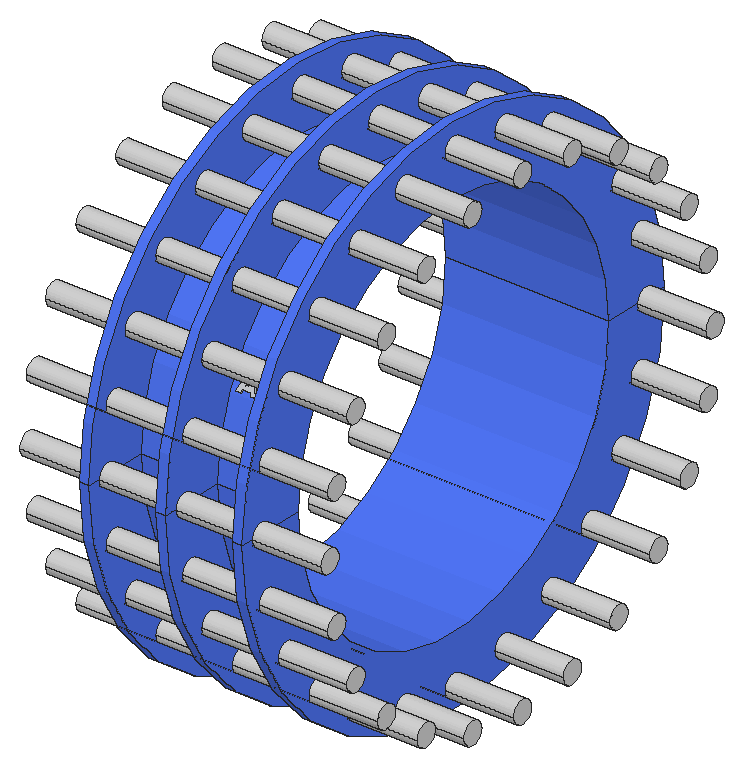
Revit family "873-00-002-DN700-800", category Pipe Accessories, Revit 2019
Family settings
  Round Connector Dimension = Use Diameter
  Part Type = Valve - Breaks Into
  Work Plane-Based = No
  Always vertical = Yes
  Cut with Voids When Loaded = No
  Shared = No
Parameters (values of type "DN800")
  d2 = size_lookup(Search_table, "d2", 0 mm, DN) / 2  # 542.5 mm
  d1 = size_lookup(Search_table, "d1", 0 mm, DN)  # 990 mm
  URL product pages = "https://www.avkvalves.com/P.aspx?no=873070000741000"
  T = size_lookup(Search_table, "T", 0 mm, DN)  # 45 mm
  L = size_lookup(Search_table, "L", 0 mm, DN)  # 620 mm
  Id(Radius) = DN / 2  # 400 mm
  Flange_thickness = 20 mm  # constant formula
  Description_ = "AVK DISMANTLING JOINT"
  DN = 800 mm
  Search_table = "873-00-002-DN700-800"
  Body_Wallthicknss = 10 mm  # constant formula
  Angle = 22.50°  # constant formula
  A = size_lookup(Search_table, "A", 0 mm, DN)  # 335 mm
  873-0800-00-741000 = "DN800_PN25"
  873-0700-00-741000 = "DN700_PN25"
Types (3, lengths in mm): name | d2 | d1 | T | L | Id(Radius) | DN | A
  (no name) | 542.5 | 990 | 45 | 620 | 400 | 800 | 335
  DN700 | 480 | 875 | 39 | 550 | 350 | 700 | 315
  DN800 | 542.5 | 990 | 45 | 620 | 400 | 800 | 335
Reference planes
  plane 1 "Center (Front/Back)": y = 0
  plane 2: z = 0
  plane 3 "Center (Left/Right)": x = 0
  plane 4: y = 32.5
  plane 5: y = -30
  plane 6: z = 495
  plane 7: z = -495
  plane 8: y = 495
  plane 9: y = -495
  plane 10: x = -310
  plane 11: x = 310
  plane 12: through (0, 0, 0) normal (0, 0.9659, 0.2588)
  plane 13: through (0, 0, 0) normal (0, 0.866, 0.5)
  plane 14: through (0, 0, 0) normal (0, 0.7071, 0.7071)
  plane 15: through (0, 0, 0) normal (0, 0.5, 0.866)
  plane 16: through (0, 0, 0) normal (0, 0.2588, 0.9659)
  plane 17: through (0, 0, 0) normal (0, 0.9659, -0.2588)
  plane 18: through (0, 0, 0) normal (0, 0.866, -0.5)
  plane 19: through (0, 0, 0) normal (0, 0.7071, -0.7071)
  plane 20: through (0, 0, 0) normal (0, 0.5, -0.866)
  plane 21: through (0, 0, 0) normal (0, 0.2588, -0.9659)
  plane 22: x = -167.5
  plane 23: x = 167.5
  plane 24: z = 542.5
  plane 25: z = -542.5
Forms (mm)
  Revolve 1, solid, material "Plastic"
    sketch origin (0, 0, 0) x (1, 0, 0) y (0, 1, 0)
      loop
        line (-147.5, 542.5) -> (-167.5, 542.5) -> (-167.5, 400) -> (167.5, 400) -> (167.5, 542.5) -> (147.5, 542.5) -> (147.5, 410) -> (10, 410) -> (10, 542.5) -> (-10, 542.5) -> (-10, 410) -> (-147.5, 410) -> (-147.5, 542.5)
      axis (-167.5, 0) -> (167.5, 0)
    angle from 0 to 360
  Extrusion 2, solid, material "Stainless Steel AISI 304"
    sketch origin (0, 0, 0) x (0, 1, 0) y (0, 0, 1)
      loop
        circle (0, 495) r 22.5
      loop
        circle (-495, 0) r 22.5
      loop
        circle (0, -495) r 22.5
      loop
        circle (495, 0) r 22.5
      loop
        circle (128.115, 478.133) r 22.5
      loop
        circle (247.5, 428.683) r 22.5
      loop
        circle (350.018, 350.018) r 22.5
      loop
        circle (428.683, 247.5) r 22.5
      loop
        circle (478.133, 128.115) r 22.5
      loop
        circle (478.133, -128.115) r 22.5
      loop
        circle (350.018, -350.018) r 22.5
      loop
        circle (247.5, -428.683) r 22.5
      loop
        circle (128.115, -478.133) r 22.5
      loop
        circle (-128.115, -478.133) r 22.5
      loop
        circle (-247.5, -428.683) r 22.5
      loop
        circle (-350.018, -350.018) r 22.5
      loop
        circle (-428.683, -247.5) r 22.5
      loop
        circle (-478.133, -128.115) r 22.5
      loop
        circle (-478.133, 128.115) r 22.5
      loop
        circle (-428.683, 247.5) r 22.5
      loop
        circle (-350.018, 350.018) r 22.5
      loop
        circle (-247.5, 428.683) r 22.5
      loop
        circle (-128.115, 478.133) r 22.5
      loop
        circle (428.683, -247.5) r 22.5
    from -310 to 310
Dimensions and locks
  "Flange_thickness": Revolve 1 sketch curve to Revolve 1 sketch curve  (x3)
  equal spacing: Revolve 1 sketch curve, plane 3 "Center (Left/Right)", Revolve 1 sketch curve  (x2)
  "A": Revolve 1 sketch curve to Revolve 1 sketch curve
  "Id(Radius)": plane 1 "Center (Front/Back)" to Revolve 1 sketch curve
  "Body_Wallthicknss": Revolve 1 sketch curve to Revolve 1 sketch curve
  "d2": plane 1 "Center (Front/Back)" to Revolve 1 sketch curve
  equal spacing: plane 6, level, plane 7
  equal spacing: plane 8, plane 1 "Center (Front/Back)", plane 9
  "d1": plane 8 to plane 9
  "d1": plane 6 to plane 7
  equal spacing: plane 11, plane 3 "Center (Left/Right)", plane 10
  "L": plane 11 to plane 10
  equal spacing: Extrusion 2 sketch curve, level, Extrusion 2 sketch curve
  "d1": Extrusion 2 sketch curve to Extrusion 2 sketch curve  (x12)
  equal spacing: Extrusion 2 sketch curve, plane 1 "Center (Front/Back)", Extrusion 2 sketch curve
  equal spacing: Extrusion 2 sketch curve, plane 16, Extrusion 2 sketch curve
  equal spacing: Extrusion 2 sketch curve, plane 15, Extrusion 2 sketch curve
  equal spacing: Extrusion 2 sketch curve, plane 14, Extrusion 2 sketch curve
  equal spacing: Extrusion 2 sketch curve, plane 13, Extrusion 2 sketch curve
  equal spacing: Extrusion 2 sketch curve, plane 12, Extrusion 2 sketch curve
  equal spacing: Extrusion 2 sketch curve, plane 17, Extrusion 2 sketch curve
  equal spacing: Extrusion 2 sketch curve, plane 18, Extrusion 2 sketch curve
  equal spacing: Extrusion 2 sketch curve, plane 19, Extrusion 2 sketch curve
  equal spacing: Extrusion 2 sketch curve, plane 20, Extrusion 2 sketch curve
  equal spacing: Extrusion 2 sketch curve, plane 21, Extrusion 2 sketch curve
  equal spacing: plane 23, plane 3 "Center (Left/Right)", plane 22
  "A": plane 23 to plane 22
  plane 6 to plane 7 = 990 mm
  equal spacing: plane 24, level, plane 25
  "d2": level to plane 25
  plane 24 to plane 25 = 1085 mm
  "T": diameter of Extrusion 2 sketch curve  (x24)
  equal spacing: level, plane 16, plane 15, plane 14, plane 13, plane 12, plane 1 "Center (Front/Back)"
  equal spacing: plane 1 "Center (Front/Back)", plane 17, plane 18, plane 19, plane 20, plane 21, level
  aligned and locked: level to plane 2
  aligned and locked: Revolve 1 sketch curve to Revolve 1 sketch curve  (x3)
  aligned and locked: plane 1 "Center (Front/Back)" to Revolve 1 sketch curve
  aligned and locked: Extrusion 2 to plane 10
  aligned and locked: Extrusion 2 to plane 11
Automatic sketch dimensions
  Revolve 1 sketch curve to plane 3 "Center (Left/Right)" = 37.5 mm
  plane 3 "Center (Left/Right)" to Revolve 1 sketch curve = 37.5 mm
  plane 21 to Extrusion 2 sketch curve = 0 mm  (x2)
  Extrusion 2 sketch curve to plane 16 = 0 mm  (x2)
  Extrusion 2 sketch curve to plane 15 = 0 mm  (x2)
  plane 20 to Extrusion 2 sketch curve = 0 mm  (x2)
  Extrusion 2 sketch curve to plane 14 = 0 mm  (x2)
  plane 19 to Extrusion 2 sketch curve = 0 mm  (x2)
  plane 18 to Extrusion 2 sketch curve = 0 mm  (x2)
  Extrusion 2 sketch curve to plane 13 = 0 mm  (x2)
  Extrusion 2 sketch curve to plane 12 = 0 mm  (x2)
  plane 17 to Extrusion 2 sketch curve = 0 mm  (x2)
  Extrusion 2 sketch curve to plane 1 "Center (Front/Back)" = 0 mm  (x2)
  Extrusion 2 sketch curve to level = 0 mm  (x2)
Nested families
  nested 1: "LOGO 4" at (72.443, -376.918, 161.346) x (1, 0, 0) z (0, -0.9193, 0.3935), type "LOGO 4"
Connectors
  piping at (167.5, 0, 0), diameter 800, driven by "DN"
    settings: on Revolve 1, index 1, connector inside diameter 609.6 mm, connector length 0 mm, flow factor 0, pipe flow 0.0 L/s, pressure drop 0.0 Pa, fitting loss kfactor 0, connector angle 0.00°, fixture units 0, engagement length 0 mm, angle of deflection 0.00°, flow configuration 0, flow direction 0, fitting loss method 0, system type 7, joint type 0, gender type 0, connector reference index -1, connector utility 0, adjustable connector no, is connector primary yes, connector description ""
  piping at (-167.5, 0, 0), diameter 800, driven by "DN"
    settings: on Revolve 1, index 2, connector inside diameter 609.6 mm, connector length 0 mm, flow factor 0, pipe flow 0.0 L/s, pressure drop 0.0 Pa, fitting loss kfactor 0, connector angle 0.00°, fixture units 0, engagement length 0 mm, angle of deflection 0.00°, flow configuration 0, flow direction 0, fitting loss method 0, system type 7, joint type 0, gender type 0, connector reference index -1, connector utility 0, adjustable connector no, is connector primary no, connector description ""
Definition of nested family "LOGO 4"
  Parameters
    Default Elevation = 1219.2 mm
  Reference planes
    plane 1 "Center (Front/Back)": y = 0
    plane 2: z = 0
    plane 3 "Center (Left/Right)": x = 0
  Forms (mm)
    Extrusion 1, solid
      sketch origin (0, 0, 0) x (1, 0, 0) y (0, 1, 0)
        loop
          line (-1219.2, 1219.2) -> (-1219.2, -1219.2) -> (1219.2, -1219.2) -> (1219.2, 1219.2) -> (-1219.2, 1219.2)
      from 0 to -304.8
    Extrusion 2, solid
      sketch origin (0, 0, 0) x (1, 0, 0) y (0, 1, 0)
        loop
          line (-13.414, 47.067) -> (-49.421, 47.067) -> (-49.421, 37.301) -> (-20.11, 37.301) -> (-4.923, 0) -> (4.923, 0) -> (20.11, 37.301) -> (49.421, 37.301) -> (49.421, 47.067) -> (13.414, 47.067) -> (0, 14.12) -> (-13.414, 47.067)
        loop
          line (-49.421, 24.122) -> (-40.161, 24.122) -> (-49.421, 0) -> (-38.959, 0) -> (-36.972, 5.177) -> (-21.641, 5.177) -> (-19.533, 0) -> (-8.989, 0) -> (-22.642, 33.536) -> (-49.421, 33.536) -> (-49.421, 24.122)
        loop
          line (-34.548, 14.12) -> (-25.282, 14.12) -> (-30.051, 25.833) -> (-34.548, 14.12)
        loop
          line (22.642, 33.536) -> (8.989, 0) -> (19.533, 0) -> (24.902, 13.186) -> (34.838, 0) -> (47.067, 0) -> (35.829, 14.914)
          arc (35.829, 14.914) -> (42.384, 18.149) -> (46.597, 24.122) r 14.826
          line (46.597, 24.122) -> (49.421, 24.122) -> (49.421, 33.536) -> (40.007, 33.536)
          arc (40.007, 33.536) -> (36.577, 25.039) -> (28.208, 21.306) r 12.238
          line (28.208, 21.306) -> (33.187, 33.536) -> (22.642, 33.536)
      from 0 to 1
  Dimensions and locks
    aligned and locked: plane 2 to Extrusion 1
    aligned and locked: level to Extrusion 1
